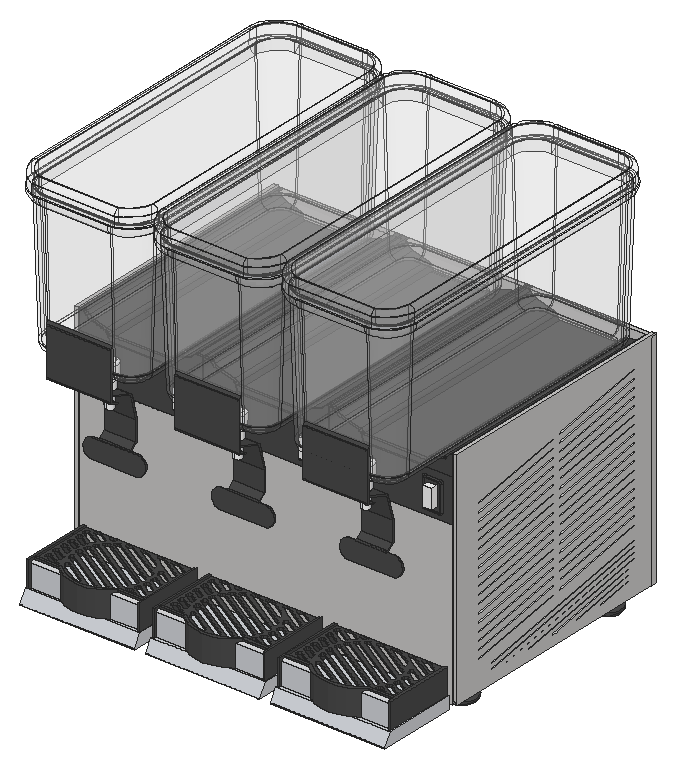
Revit family "QF_Vollrath-VBBD3-37T", category Specialty Equipment, Revit 2018 (continued)
Forms (in)
  Extrusion 6, solid, material "QF_Finishes-Stainless"
    sketch origin (0, 0, 0) x (1, 0, 0) y (0, 0, 1)
      loop
        line (11.65098, 10.09148) -> (11.53237, 9.98837) -> (11.53237, 9.94064)
      loop
        line (11.53237, 10.31465) -> (16.84741, 10.31465) -> (16.84741, 10.36239) -> (16.7288, 10.46549)
        arc (16.7288, 10.46549) -> (16.69578, 10.48089) -> (16.65974, 10.48617) r 0.12567
        line (16.65974, 10.48617) -> (11.72005, 10.48617)
        arc (11.72005, 10.48617) -> (11.684, 10.48089) -> (11.65098, 10.46549) r 0.12567
        line (11.65098, 10.46549) -> (11.53237, 10.36239) -> (11.53237, 10.31465)
      loop
        line (11.53237, 10.68867) -> (16.84741, 10.68867) -> (16.84741, 10.7364) -> (16.7288, 10.83951)
        arc (16.7288, 10.83951) -> (16.69578, 10.85491) -> (16.65974, 10.86019) r 0.12567
        line (16.65974, 10.86019) -> (11.72005, 10.86019)
        arc (11.72005, 10.86019) -> (11.684, 10.85491) -> (11.65098, 10.83951) r 0.12567
        line (11.65098, 10.83951) -> (11.53237, 10.7364) -> (11.53237, 10.68867)
      loop
        line (11.53237, 11.06268) -> (16.84741, 11.06268) -> (16.84741, 11.11042) -> (16.7288, 11.21352)
        arc (16.7288, 11.21352) -> (16.69578, 11.22892) -> (16.65974, 11.2342) r 0.12567
        line (16.65974, 11.2342) -> (11.72005, 11.2342)
        arc (11.72005, 11.2342) -> (11.684, 11.22892) -> (11.65098, 11.21352) r 0.12567
        line (11.65098, 11.21352) -> (11.53237, 11.11042) -> (11.53237, 11.06268)
      loop
        line (11.53237, 11.4367) -> (16.84741, 11.4367) -> (16.84741, 11.48443) -> (16.7288, 11.58754)
        arc (16.7288, 11.58754) -> (16.69578, 11.60294) -> (16.65974, 11.60822) r 0.12567
        line (16.65974, 11.60822) -> (11.72005, 11.60822)
        arc (11.72005, 11.60822) -> (11.684, 11.60294) -> (11.65098, 11.58754) r 0.12567
        line (11.65098, 11.58754) -> (11.53237, 11.48443) -> (11.53237, 11.4367)
      loop
        line (11.53237, 11.81072) -> (16.84741, 11.81072) -> (16.84741, 11.85845) -> (16.7288, 11.96156)
        arc (16.7288, 11.96156) -> (16.69578, 11.97695) -> (16.65974, 11.98223) r 0.12567
        line (16.65974, 11.98223) -> (11.72005, 11.98223)
        arc (11.72005, 11.98223) -> (11.684, 11.97695) -> (11.65098, 11.96156) r 0.12567
        line (11.65098, 11.96156) -> (11.53237, 11.85845) -> (11.53237, 11.81072)
      loop
        line (11.53237, 12.18473) -> (16.84733, 12.18473) -> (16.84733, 12.23247) -> (16.72872, 12.33557)
        arc (16.72872, 12.33557) -> (16.6957, 12.35097) -> (16.65966, 12.35625) r 0.12567
        line (16.65966, 12.35625) -> (11.72005, 12.35625)
        arc (11.72005, 12.35625) -> (11.684, 12.35097) -> (11.65098, 12.33557) r 0.12567
        line (11.65098, 12.33557) -> (11.53237, 12.23247) -> (11.53237, 12.18473)
    from -10.7576 to -10.47957
  Revolve 7, solid, material "QF_Finishes-Black Plastic"
    sketch origin (-2.65829, 2.28125, 0) x (0, 1, 0) y (0, 0, 1)
      loop
        line (6.4307, 0.71878) -> (5.9307, 0.71878) -> (5.90967, 0.3175)
        arc (5.90967, 0.3175) -> (5.90114, 0.28329) -> (5.88042, 0.25477) r 0.09238
        line (5.88042, 0.25477) -> (5.63639, 0.15617) -> (5.65129, 0.03478)
        arc (5.65129, 0.03478) -> (5.66148, 0.01019) -> (5.68607, 0) r 0.03478
        line (5.68607, 0) -> (6.4307, 0) -> (6.4307, 0.71878)
      axis (6.4307, 0) -> (6.4307, 0.71878)
    angle from 0 to 360
  Revolve 8, solid, material "QF_Finishes-Black Plastic"
    sketch origin (-2.65829, -7.91744, 0) x (0, 1, 0) y (0, 0, 1)
      loop
        line (6.4307, 0.71878) -> (5.9307, 0.71878) -> (5.90967, 0.3175)
        arc (5.90967, 0.3175) -> (5.90114, 0.28329) -> (5.88042, 0.25477) r 0.09238
        line (5.88042, 0.25477) -> (5.63639, 0.15617) -> (5.65129, 0.03478)
        arc (5.65129, 0.03478) -> (5.66148, 0.01019) -> (5.68607, 0) r 0.03478
        line (5.68607, 0) -> (6.4307, 0) -> (6.4307, 0.71878)
      axis (6.4307, 0) -> (6.4307, 0.71878)
    angle from 0 to 360
  Revolve 9, solid, material "QF_Finishes-Black Plastic"
    sketch origin (16.73684, 2.28125, 0) x (0, 1, 0) y (0, 0, 1)
      loop
        line (6.4307, 0.71878) -> (5.9307, 0.71878) -> (5.90967, 0.3175)
        arc (5.90967, 0.3175) -> (5.90114, 0.28329) -> (5.88042, 0.25477) r 0.09238
        line (5.88042, 0.25477) -> (5.63639, 0.15617) -> (5.65129, 0.03478)
        arc (5.65129, 0.03478) -> (5.66148, 0.01019) -> (5.68607, 0) r 0.03478
        line (5.68607, 0) -> (6.4307, 0) -> (6.4307, 0.71878)
      axis (6.4307, 0) -> (6.4307, 0.71878)
    angle from 0 to 360
  Revolve 10, solid, material "QF_Finishes-Black Plastic"
    sketch origin (16.73684, -7.91744, 0) x (0, 1, 0) y (0, 0, 1)
      loop
        line (6.4307, 0.71878) -> (5.9307, 0.71878) -> (5.90967, 0.3175)
        arc (5.90967, 0.3175) -> (5.90114, 0.28329) -> (5.88042, 0.25477) r 0.09238
        line (5.88042, 0.25477) -> (5.63639, 0.15617) -> (5.65129, 0.03478)
        arc (5.65129, 0.03478) -> (5.66148, 0.01019) -> (5.68607, 0) r 0.03478
        line (5.68607, 0) -> (6.4307, 0) -> (6.4307, 0.71878)
      axis (6.4307, 0) -> (6.4307, 0.71878)
    angle from 0 to 360
  Extrusion 11, solid, material "QF_Finishes-Black Plastic"
    sketch origin (0, 0, 0) x (1, 0, 0) y (0, 1, 0)
      loop
        line (3.18945, -3.12402) -> (-3.14914, -3.12402) -> (-3.14914, -7.27756) -> (-3.05071, -7.27756) -> (-3.05071, -6.9626) -> (-1.68325, -6.9626)
        arc (-1.68325, -6.9626) -> (-1.65302, -6.96863) -> (-1.62741, -6.98581) r 0.07879
        arc (-1.62741, -6.98581) -> (0.01907, -7.67007) -> (1.66554, -6.98581) r 2.323
        arc (1.66554, -6.98581) -> (1.69232, -6.96862) -> (1.72357, -6.9626) r 0.08414
        line (1.72357, -6.9626) -> (3.09102, -6.9626) -> (3.09102, -7.27756) -> (3.18945, -7.27756) -> (3.18945, -3.12402)
      loop
        line (-3.05071, -3.19488) -> (-3.05071, -6.8248) -> (-1.68325, -6.8248)
        arc (-1.68325, -6.8248) -> (-1.60014, -6.84139) -> (-1.52977, -6.88862) r 0.21647
        arc (-1.52977, -6.88862) -> (0.02, -7.53304) -> (1.56978, -6.88862) r 2.18576
        arc (1.56978, -6.88862) -> (1.64015, -6.84139) -> (1.72326, -6.8248) r 0.21647
        line (1.72326, -6.8248) -> (3.09102, -6.8248) -> (3.09102, -3.19488) -> (-3.05071, -3.19488)
    from 1.03543 to 2.48031
  Extrusion 12, solid, material "QF_Finishes-Black Plastic"
    sketch origin (-0.43601, -0.69203, -0.67436) x (0, 1, 0) y (0, 0, 1)
      loop
        arc (-6.7126, 12.77975) -> (-6.69637, 12.72827) -> (-6.65354, 12.69541) r 0.08975
        line (-6.65354, 12.69541) -> (-6.24829, 12.54791) -> (-6.22809, 12.6034) -> (-6.65354, 12.75825) -> (-6.65354, 15.43542) -> (-6.55627, 15.57434) -> (-6.585, 15.63626) -> (-6.69836, 15.47437)
        arc (-6.69836, 15.47437) -> (-6.70895, 15.45289) -> (-6.7126, 15.42921) r 0.07874
        line (-6.7126, 15.42921) -> (-6.7126, 12.77975)
    from -1.53543 to 2.09496
  Revolve 13, solid, material "QF_Finishes-White Rubber"
    sketch origin (-0.09375, -0.00627, -0.98853) x (0, 1, 0) y (0, 0, 1)
      loop
        line (-5.26181, 11.33771) -> (-5.26181, 13.7196) -> (-5.58313, 13.7196)
        arc (-5.58313, 13.7196) -> (-5.66215, 13.68687) -> (-5.69488, 13.60785) r 0.11175
        line (-5.69488, 13.60785) -> (-5.6749, 12.85346) -> (-5.57506, 12.85346) -> (-5.57506, 12.36572) -> (-5.49364, 12.33608) -> (-5.49364, 11.33771) -> (-5.26181, 11.33771)
      axis (-5.26181, 11.33771) -> (-5.26181, 13.7196)
    angle from 0 to 360
  Extrusion 14, solid, material "QF_Finishes-Black Plastic"
    sketch origin (-0.14844, 0.05623, -0.98853) x (0, 1, 0) y (0, 0, 1)
      loop
        line (-4.89794, 12.05642) -> (-4.5209, 10.64927) -> (-4.5209, 9.50735) -> (-4.87524, 9.24034)
        arc (-4.87524, 9.24034) -> (-4.89988, 9.20972) -> (-4.90703, 9.17106) r 0.08027
        line (-4.90703, 9.17106) -> (-4.84806, 9.16797) -> (-4.83447, 9.19711) -> (-4.4932, 9.45428)
        arc (-4.4932, 9.45428) -> (-4.47012, 9.48203) -> (-4.46184, 9.51717) r 0.07874
        line (-4.46184, 9.51717) -> (-4.46184, 10.65704) -> (-4.8302, 12.03176)
        arc (-4.8302, 12.03176) -> (-4.86865, 12.09212) -> (-4.92901, 12.13057) r 0.16532
        line (-4.92901, 12.13057) -> (-6.9898, 12.88064) -> (-7.01, 12.82515) -> (-4.89794, 12.05642)
    from -0.87952 to 0.8668
  Extrusion 15, solid, material "QF_Finishes-Black Plastic"
    sketch origin (-0.15625, -0.40114, -1.21779) x (1, 0, 0) y (0, 0.052336, 0.99863)
      loop
        line (-1.23031, 8.07021) -> (1.23031, 8.07021)
        arc (1.23031, 8.07021) -> (1.77091, 8.61081) -> (1.23031, 9.1514) r 0.5406
        line (1.23031, 9.1514) -> (-1.23031, 9.1514)
        arc (-1.23031, 9.1514) -> (-1.77091, 8.61081) -> (-1.23031, 8.07021) r 0.5406
    from 4.87511 to 4.93413
  Sweep 16, solid, material "QF_Finishes-Clear Plastic"
    path origin (-0.15625, 0, 0) x (1, 0, 0) y (0, 1, 0)
      loop
        arc (-2.3069, -6.00035) -> (-2.17234, -6.32521) -> (-1.84748, -6.45977) r 0.45942
        line (-1.84748, -6.45977) -> (1.84782, -6.45977)
        arc (1.84782, -6.45977) -> (2.17447, -6.32446) -> (2.30977, -5.99781) r 0.46195
        line (2.30977, -5.99781) -> (2.30977, 9.13206)
        arc (2.30977, 9.13206) -> (2.17447, 9.45871) -> (1.84782, 9.59402) r 0.46195
        line (1.84782, 9.59402) -> (-1.84748, 9.59402)
        arc (-1.84748, 9.59402) -> (-2.17234, 9.45946) -> (-2.3069, 9.1346) r 0.45942
        line (-2.3069, 9.1346) -> (-2.3069, -6.00035)
    profile origin (-2.46315, 1.56713, 0) x (-1, 0, 0) y (0, 0, 1)
      loop
        line (1.00727, 21.24909) -> (0.86945, 21.24909) -> (0.60808, 13.43579)
        arc (0.60808, 13.43579) -> (0.48758, 13.16469) -> (0.21238, 13.05386) r 0.39514
        line (0.21238, 13.05386) -> (0.22508, 12.90709)
        arc (0.22508, 12.90709) -> (0.59013, 13.08301) -> (0.74651, 13.45684) r 0.57097
        line (0.74651, 13.45684) -> (1.00727, 21.24909)
  Extrusion 17, solid, material "QF_Finishes-Black Plastic"
    sketch origin (0, 0, -0.6875) x (1, 0, 0) y (0, 0, 1)
      loop
        line (-3.46457, 13.95475) -> (-3.46457, 12.85346) -> (3.55, 12.85346) -> (3.55, 13.95475) -> (3.22835, 13.95475)
        arc (3.22835, 13.95475) -> (3.13884, 13.93326) -> (3.06885, 13.87348) r 0.19715
        arc (3.06885, 13.87348) -> (3.03916, 13.82718) -> (3.00315, 13.7856) r 0.3838
        arc (3.00315, 13.7856) -> (2.87095, 13.68416) -> (2.717, 13.62039) r 0.63833
        line (2.717, 13.62039) -> (1.86181, 13.39124)
        arc (1.86181, 13.39124) -> (1.74573, 13.32397) -> (1.67922, 13.20745) r 0.2576
        line (1.67922, 13.20745) -> (1.62646, 12.90825) -> (-1.78271, 12.90825) -> (-1.83547, 13.20745)
        arc (-1.83547, 13.20745) -> (-1.90198, 13.32397) -> (-2.01806, 13.39124) r 0.2576
        line (-2.01806, 13.39124) -> (-2.72746, 13.58133)
        arc (-2.72746, 13.58133) -> (-2.88142, 13.6451) -> (-3.01362, 13.74654) r 0.63833
        arc (-3.01362, 13.74654) -> (-3.07424, 13.82539) -> (-3.11257, 13.91717) r 0.3838
        arc (-3.11257, 13.91717) -> (-3.16749, 13.94512) -> (-3.22835, 13.95475) r 0.19715
        line (-3.22835, 13.95475) -> (-3.46457, 13.95475)
    from -10.7576 to 3.27362
  Extrusion 18, solid, material "Clearance - Code/Mandatory", detail levels coarse
    sketch origin (-7.40625, 0, 0) x (1, 0, 0) y (0, 1, 0)
      loop
        line (31.23875, 10.7576) -> (25.2375, 10.7576) -> (25.2375, -7.75) -> (31.23875, -7.75) -> (31.23875, 10.7576)
    from 0 to 23.90625
  Extrusion 19, solid, material "Clearance - Code/Mandatory", detail levels coarse
    sketch origin (7.40625, 0, 0) x (-1, 0, 0) y (0, -1, 0)
      loop
        line (11.07375, -10.7576) -> (17.08125, -10.7576) -> (17.08125, 7.75) -> (11.07375, 7.75) -> (11.07375, -10.7576)
    from 0 to 23.90625
  Extrusion 20, solid, material "Clearance - Code/Mandatory", detail levels coarse
    sketch origin (3.67282, -3.20625, 0) x (0, 1, 0) y (-1, 0, 0)
      loop
        line (13.96385, -20.15968) -> (20.08125, -20.15968) -> (20.08125, 13.34782) -> (13.96385, 13.34782) -> (13.96385, -20.15968)
    from 0 to 23.90625
  Sweep 21, solid, material "QF_Finishes-Clear Plastic"
    path origin (-0.15625, 0, 0) x (1, 0, 0) y (0, 1, 0)
      loop
        line (1.97575, 9.86597) -> (-1.98, 9.86597)
        arc (-1.98, 9.86597) -> (-2.54709, 9.63108) -> (-2.78198, 9.064) r 0.80197
        line (-2.78198, 9.064) -> (-2.78198, -6.12347)
        arc (-2.78198, -6.12347) -> (-2.53304, -6.72445) -> (-1.93206, -6.97339) r 0.84992
        line (-1.93206, -6.97339) -> (1.91929, -6.97339)
        arc (1.91929, -6.97339) -> (2.53134, -6.71987) -> (2.78485, -6.10782) r 0.86556
        line (2.78485, -6.10782) -> (2.78485, 9.05687)
        arc (2.78485, 9.05687) -> (2.54787, 9.62899) -> (1.97575, 9.86597) r 0.8091
    profile origin (-0.15838, 9.86597, 0) x (0, -1, 0) y (0, 0, 1)
      loop
        line (-0.42938, 20.63713) -> (-0.42938, 21.24909) -> (-0.79275, 21.24909)
        arc (-0.79275, 21.24909) -> (-0.70586, 20.88683) -> (-0.42938, 20.63713) r 0.62946
  Extrusion 22, solid
    sketch origin (0, 0, 0) x (0, 1, 0) y (0, 0, 1)
      loop
        line (-3.27362, 1.03543) -> (-7.3563, 1.03543) -> (-7.75, 0.3937) -> (-7.75, 0.35433) -> (-3.27362, 0.35433) -> (-3.27362, 1.03543)
    from -3.17717 to 3.27868
  Extrusion 23, solid
    sketch origin (0, 0, 0) x (0, 1, 0) y (0, 0, 1)
      loop
        arc (-6.9626, 2.40157) -> (-7.08882, 2.37471) -> (-7.18008, 2.28346) r 0.22732
        line (-7.18008, 2.28346) -> (-7.18008, 1.03543) -> (-6.9626, 1.03543) -> (-6.9626, 2.40157)
    from -3.05071 to -1.36292
  Extrusion 24, solid, material "QF_Finishes-Black Plastic"
    sketch origin (0, 0, 0) x (1, 0, 0) y (0, 1, 0)
      loop
        line (-3.05071, -6.8248) -> (-1.68325, -6.8248)
        arc (-1.68325, -6.8248) -> (-1.60014, -6.84139) -> (-1.52977, -6.88862) r 0.21647
        arc (-1.52977, -6.88862) -> (0.02, -7.53304) -> (1.56978, -6.88862) r 2.18576
        arc (1.56978, -6.88862) -> (1.64015, -6.84139) -> (1.72326, -6.8248) r 0.21647
        line (1.72326, -6.8248) -> (3.09102, -6.8248) -> (3.09102, -3.19488) -> (-3.05071, -3.19488) -> (-3.05071, -6.8248)
      loop
        line (1.99999, -5.31469) -> (-0.85274, -3.56972)
        arc (-0.85274, -3.56972) -> (-0.90143, -3.55568) -> (-0.95047, -3.56848) r 0.09564
        line (-0.95047, -3.56848) -> (-1.05079, -3.62641)
        arc (-1.05079, -3.62641) -> (-1.09797, -3.71056) -> (-1.05079, -3.79471) r 0.09865
        line (-1.05079, -3.79471) -> (1.89113, -5.59424)
        arc (1.89113, -5.59424) -> (1.98696, -5.59808) -> (2.04057, -5.51856) r 0.09843
        line (2.04057, -5.51856) -> (2.04706, -5.40253)
        arc (2.04706, -5.40253) -> (2.03544, -5.35223) -> (1.99999, -5.31469) r 0.09857
      loop
        line (1.92869, -5.80182) -> (-1.25519, -3.85429)
        arc (-1.25519, -3.85429) -> (-1.31546, -3.84407) -> (-1.37003, -3.87162) r 0.09782
        line (-1.37003, -3.87162) -> (-1.44371, -3.9453)
        arc (-1.44371, -3.9453) -> (-1.47148, -4.02385) -> (-1.42783, -4.09482) r 0.09665
        line (-1.42783, -4.09482) -> (1.79158, -6.06408)
        arc (1.79158, -6.06408) -> (1.8762, -6.07294) -> (1.93593, -6.01235) r 0.09812
        line (1.93593, -6.01235) -> (1.96819, -5.91075)
        arc (1.96819, -5.91075) -> (1.96695, -5.84957) -> (1.92869, -5.80182) r 0.09507
      loop
        line (1.74837, -6.22226) -> (-1.54753, -4.20621)
        arc (-1.54753, -4.20621) -> (-1.61887, -4.19636) -> (-1.67693, -4.23897) r 0.09584
        line (-1.67693, -4.23897) -> (-1.73108, -4.32679)
        arc (-1.73108, -4.32679) -> (-1.743, -4.39877) -> (-1.70104, -4.45845) r 0.09631
        line (-1.70104, -4.45845) -> (1.59739, -6.47604)
        arc (1.59739, -6.47604) -> (1.66914, -6.48577) -> (1.72723, -6.44255) r 0.09587
        line (1.72723, -6.44255) -> (1.78078, -6.35401)
        arc (1.78078, -6.35401) -> (1.79129, -6.28157) -> (1.74837, -6.22226) r 0.09741
      loop
        line (1.48132, -6.58966) -> (-1.74811, -4.61427)
        arc (-1.74811, -4.61427) -> (-1.83177, -4.60731) -> (-1.88979, -4.66798) r 0.09744
        line (-1.88979, -4.66798) -> (-1.92257, -4.76761)
        arc (-1.92257, -4.76761) -> (-1.92194, -4.82904) -> (-1.88395, -4.87732) r 0.0953
        line (-1.88395, -4.87732) -> (1.30511, -6.82801)
        arc (1.30511, -6.82801) -> (1.36581, -6.8405) -> (1.42146, -6.81321) r 0.09579
        line (1.42146, -6.81321) -> (1.49519, -6.73948)
        arc (1.49519, -6.73948) -> (1.52341, -6.66132) -> (1.48132, -6.58966) r 0.09779
      loop
        line (1.10757, -6.89177) -> (-1.84914, -5.0832)
        arc (-1.84914, -5.0832) -> (-1.94458, -5.07917) -> (-1.99846, -5.15805) r 0.0984
        line (-1.99846, -5.15805) -> (-2.00593, -5.27264)
        arc (-2.00593, -5.27264) -> (-1.99506, -5.32396) -> (-1.95906, -5.3621) r 0.09696
        line (-1.95906, -5.3621) -> (0.91264, -7.11867)
        arc (0.91264, -7.11867) -> (0.96072, -7.13194) -> (1.0088, -7.11867) r 0.09375
        line (1.0088, -7.11867) -> (1.10757, -7.05966)
        arc (1.10757, -7.05966) -> (1.15463, -6.97572) -> (1.10757, -6.89177) r 0.0984
      loop
        line (0.60863, -7.11732) -> (-1.82264, -5.63015)
        arc (-1.82264, -5.63015) -> (-1.92999, -5.63329) -> (-1.97033, -5.73281) r 0.09825
        line (-1.97033, -5.73281) -> (-1.93774, -5.87396)
        arc (-1.93774, -5.87396) -> (-1.92175, -5.90738) -> (-1.89442, -5.93238) r 0.09714
        line (-1.89442, -5.93238) -> (0.37225, -7.31886)
        arc (0.37225, -7.31886) -> (0.40695, -7.33252) -> (0.44421, -7.33107) r 0.09073
        line (0.44421, -7.33107) -> (0.58467, -7.29582)
        arc (0.58467, -7.29582) -> (0.65482, -7.21438) -> (0.60863, -7.11732) r 0.09843
      loop
        line (-0.15644, -7.18008) -> (-1.53008, -6.33984)
        arc (-1.53008, -6.33984) -> (-1.65245, -6.35562) -> (-1.66332, -6.47852) r 0.09845
        line (-1.66332, -6.47852) -> (-1.474, -6.72028) -> (-0.52036, -7.30361) -> (-0.21942, -7.36177)
        arc (-0.21942, -7.36177) -> (-0.1148, -7.29628) -> (-0.15644, -7.18008) r 0.09842
      loop
        line (1.92796, -4.73989) -> (-0.30697, -3.37282)
        arc (-0.30697, -3.37282) -> (-0.34079, -3.3598) -> (-0.37704, -3.35963) r 0.10043
        line (-0.37704, -3.35963) -> (-0.52004, -3.39377)
        arc (-0.52004, -3.39377) -> (-0.59167, -3.47506) -> (-0.54547, -3.57306) r 0.09865
        line (-0.54547, -3.57306) -> (1.85831, -5.04342)
        arc (1.85831, -5.04342) -> (1.96624, -5.03999) -> (2.00606, -4.93962) r 0.09842
        line (2.00606, -4.93962) -> (1.97137, -4.79716)
        arc (1.97137, -4.79716) -> (1.95507, -4.76442) -> (1.92796, -4.73989) r 0.09857
      loop
        line (1.46531, -3.92615) -> (0.62845, -3.41426)
        arc (0.62845, -3.41426) -> (0.46776, -3.37153) -> (0.30428, -3.34114) r 2.18615
        arc (0.30428, -3.34114) -> (0.19761, -3.4051) -> (0.23921, -3.5223) r 0.09818
        line (0.23921, -3.5223) -> (1.54679, -4.32213)
        arc (1.54679, -4.32213) -> (1.66978, -4.30502) -> (1.67799, -4.18113) r 0.09835
        arc (1.67799, -4.18113) -> (1.57664, -4.04948) -> (1.46531, -3.92615) r 2.12561
      loop
        line (2.83911, -4.23574) -> (1.36588, -3.33459)
        arc (1.36588, -3.33459) -> (1.34175, -3.32427) -> (1.31572, -3.32087) r 0.09593
        arc (1.31572, -3.32087) -> (1.27881, -3.321) -> (1.2419, -3.32087) r 5.03614
        arc (1.2419, -3.32087) -> (1.14687, -3.39171) -> (1.18925, -3.5024) r 0.0982
        arc (1.18925, -3.5024) -> (1.38493, -3.6409) -> (1.56306, -3.80134) r 2.04444
        line (1.56306, -3.80134) -> (2.73642, -4.51906)
        arc (2.73642, -4.51906) -> (2.8353, -4.51983) -> (2.88433, -4.43395) r 0.09782
        arc (2.88433, -4.43395) -> (2.88401, -4.37627) -> (2.88433, -4.31858) r 5.14481
        arc (2.88433, -4.31858) -> (2.87254, -4.27125) -> (2.83911, -4.23574) r 0.0965
      loop
        line (2.83639, -3.70334) -> (2.23231, -3.33383)
        arc (2.23231, -3.33383) -> (2.21027, -3.32439) -> (2.18655, -3.32087) r 0.09339
        line (2.18655, -3.32087) -> (1.99477, -3.32087)
        arc (1.99477, -3.32087) -> (1.89988, -3.39257) -> (1.94341, -3.50325) r 0.09837
        line (1.94341, -3.50325) -> (2.73528, -3.98763)
        arc (2.73528, -3.98763) -> (2.83413, -3.98931) -> (2.88433, -3.90415) r 0.09818
        arc (2.88433, -3.90415) -> (2.88448, -3.84599) -> (2.88433, -3.78784) r 11.3571
        arc (2.88433, -3.78784) -> (2.87139, -3.73933) -> (2.83639, -3.70334) r 0.09933
      loop
        arc (-2.69423, -5.62775) -> (-2.79372, -5.62586) -> (-2.84402, -5.71171) r 0.09843
        line (-2.84402, -5.71171) -> (-2.84402, -5.82709)
        arc (-2.84402, -5.82709) -> (-2.83145, -5.87522) -> (-2.79695, -5.91106) r 0.09843
        line (-2.79695, -5.91106) -> (-2.13741, -6.31449)
        arc (-2.13741, -6.31449) -> (-2.02317, -6.30683) -> (-1.99384, -6.19615) r 0.09819
        line (-1.99384, -6.19615) -> (-2.04986, -6.04886)
        arc (-2.04986, -6.04886) -> (-2.066, -6.01898) -> (-2.09144, -5.99647) r 0.09728
        line (-2.09144, -5.99647) -> (-2.69423, -5.62775)
      loop
        arc (-2.69423, -5.09701) -> (-2.79372, -5.09512) -> (-2.84402, -5.18097) r 0.09843
        line (-2.84402, -5.18097) -> (-2.84402, -5.29635)
        arc (-2.84402, -5.29635) -> (-2.83145, -5.34448) -> (-2.79695, -5.38032) r 0.09843
        line (-2.79695, -5.38032) -> (-2.30078, -5.68381)
        arc (-2.30078, -5.68381) -> (-2.19664, -5.68292) -> (-2.1516, -5.58901) r 0.09843
        line (-2.1516, -5.58901) -> (-2.16128, -5.47226)
        arc (-2.16128, -5.47226) -> (-2.17523, -5.42752) -> (-2.20826, -5.39428) r 0.09865
        line (-2.20826, -5.39428) -> (-2.69423, -5.09701)
      loop
        arc (-2.69423, -4.56627) -> (-2.79372, -4.56438) -> (-2.84402, -4.65023) r 0.09843
        line (-2.84402, -4.65023) -> (-2.84402, -4.76561)
        arc (-2.84402, -4.76561) -> (-2.83145, -4.81374) -> (-2.79695, -4.84958) r 0.09843
        line (-2.79695, -4.84958) -> (-2.29775, -5.15493)
        arc (-2.29775, -5.15493) -> (-2.20358, -5.15958) -> (-2.14873, -5.0829) r 0.09839
        line (-2.14873, -5.0829) -> (-2.13391, -4.98165)
        arc (-2.13391, -4.98165) -> (-2.14196, -4.92467) -> (-2.17954, -4.8811) r 0.10209
        line (-2.17954, -4.8811) -> (-2.69423, -4.56627)
      loop
        arc (-2.69423, -4.03555) -> (-2.79372, -4.03365) -> (-2.84402, -4.11951) r 0.09843
        line (-2.84402, -4.11951) -> (-2.84402, -4.23489)
        arc (-2.84402, -4.23489) -> (-2.83145, -4.28301) -> (-2.79695, -4.31885) r 0.09843
        line (-2.79695, -4.31885) -> (-2.19054, -4.68978)
        arc (-2.19054, -4.68978) -> (-2.10586, -4.69843) -> (-2.0461, -4.63781) r 0.09843
        line (-2.0461, -4.63781) -> (-2.01311, -4.5476)
        arc (-2.01311, -4.5476) -> (-2.01108, -4.48046) -> (-2.05286, -4.42787) r 0.09777
        line (-2.05286, -4.42787) -> (-2.69423, -4.03555)
      loop
        arc (-2.69423, -3.50479) -> (-2.79372, -3.5029) -> (-2.84402, -3.58875) r 0.09843
        line (-2.84402, -3.58875) -> (-2.84402, -3.70413)
        arc (-2.84402, -3.70413) -> (-2.83145, -3.75226) -> (-2.79695, -3.78809) r 0.09843
        line (-2.79695, -3.78809) -> (-2.00078, -4.2751)
        arc (-2.00078, -4.2751) -> (-1.92526, -4.28682) -> (-1.86377, -4.24142) r 0.09931
        line (-1.86377, -4.24142) -> (-1.8143, -4.16136)
        arc (-1.8143, -4.16136) -> (-1.80095, -4.08604) -> (-1.84557, -4.0239) r 0.09843
        line (-1.84557, -4.0239) -> (-2.69423, -3.50479)
      loop
        arc (-2.69423, -6.15849) -> (-2.79372, -6.1566) -> (-2.84402, -6.24246) r 0.09843
        line (-2.84402, -6.24246) -> (-2.84402, -6.35783)
        arc (-2.84402, -6.35783) -> (-2.83145, -6.40596) -> (-2.79695, -6.4418) r 0.09843
        line (-2.79695, -6.4418) -> (-2.18491, -6.81617) -> (-1.91188, -6.81617)
        arc (-1.91188, -6.81617) -> (-1.85587, -6.7319) -> (-1.9031, -6.64241) r 0.09904
        line (-1.9031, -6.64241) -> (-2.69423, -6.15849)
      loop
        line (-2.39494, -3.50325) -> (-1.73202, -3.90876)
        arc (-1.73202, -3.90876) -> (-1.66637, -3.92218) -> (-1.60735, -3.89047) r 0.09841
        line (-1.60735, -3.89047) -> (-1.54093, -3.82001)
        arc (-1.54093, -3.82001) -> (-1.51481, -3.73924) -> (-1.5609, -3.66795) r 0.09896
        line (-1.5609, -3.66795) -> (-2.18752, -3.28465)
        arc (-2.18752, -3.28465) -> (-2.235, -3.26983) -> (-2.28367, -3.28012) r 0.09843
        line (-2.28367, -3.28012) -> (-2.38686, -3.33173)
        arc (-2.38686, -3.33173) -> (-2.44114, -3.41512) -> (-2.39494, -3.50325) r 0.09843
      loop
        arc (-1.47591, -3.32087) -> (-1.57065, -3.39261) -> (-1.52727, -3.50325) r 0.09843
        line (-1.52727, -3.50325) -> (-1.3826, -3.59175)
        arc (-1.3826, -3.59175) -> (-1.32707, -3.60613) -> (-1.27295, -3.58713) r 0.09847
        line (-1.27295, -3.58713) -> (-1.18803, -3.52827)
        arc (-1.18803, -3.52827) -> (-1.14526, -3.44427) -> (-1.19182, -3.36231) r 0.09944
        line (-1.19182, -3.36231) -> (-1.23593, -3.33533)
        arc (-1.23593, -3.33533) -> (-1.26061, -3.32455) -> (-1.28729, -3.32087) r 0.09843
        line (-1.28729, -3.32087) -> (-1.47591, -3.32087)
      loop
        arc (2.16593, -4.35471) -> (2.05008, -4.36433) -> (2.02423, -4.47767) r 0.09841
        line (2.02423, -4.47767) -> (2.08147, -4.62318)
        arc (2.08147, -4.62318) -> (2.09769, -4.65241) -> (2.12281, -4.67447) r 0.09781
        line (2.12281, -4.67447) -> (2.73454, -5.04866)
        arc (2.73454, -5.04866) -> (2.83403, -5.05055) -> (2.88433, -4.9647) r 0.09843
        line (2.88433, -4.9647) -> (2.88433, -4.84932)
        arc (2.88433, -4.84932) -> (2.87176, -4.80119) -> (2.83726, -4.76535) r 0.09843
        line (2.83726, -4.76535) -> (2.16593, -4.35471)
      loop
        arc (2.33855, -4.99104) -> (2.23397, -4.99219) -> (2.18943, -5.08682) r 0.09845
        line (2.18943, -5.08682) -> (2.20051, -5.20384)
        arc (2.20051, -5.20384) -> (2.21442, -5.2483) -> (2.24726, -5.28133) r 0.09819
        line (2.24726, -5.28133) -> (2.73454, -5.5794)
        arc (2.73454, -5.5794) -> (2.83403, -5.58129) -> (2.88433, -5.49544) r 0.09843
        line (2.88433, -5.49544) -> (2.88433, -5.38006)
        arc (2.88433, -5.38006) -> (2.87176, -5.33193) -> (2.83726, -5.29609) r 0.09843
        line (2.83726, -5.29609) -> (2.33855, -4.99104)
      loop
        arc (2.34021, -5.5228) -> (2.24688, -5.51781) -> (2.19158, -5.59315) r 0.09828
        line (2.19158, -5.59315) -> (2.17713, -5.69751)
        arc (2.17713, -5.69751) -> (2.18485, -5.75432) -> (2.22293, -5.79719) r 0.09843
        line (2.22293, -5.79719) -> (2.73454, -6.11014)
        arc (2.73454, -6.11014) -> (2.83403, -6.11203) -> (2.88433, -6.02618) r 0.09843
        line (2.88433, -6.02618) -> (2.88433, -5.9108)
        arc (2.88433, -5.9108) -> (2.87176, -5.86267) -> (2.83726, -5.82683) r 0.09843
        line (2.83726, -5.82683) -> (2.34021, -5.5228)
      loop
        arc (2.2366, -5.99016) -> (2.15157, -5.98163) -> (2.09192, -6.04283) r 0.09842
        line (2.09192, -6.04283) -> (2.05934, -6.13333)
        arc (2.05934, -6.13333) -> (2.05873, -6.20007) -> (2.09985, -6.25265) r 0.1011
        line (2.09985, -6.25265) -> (2.73454, -6.64088)
        arc (2.73454, -6.64088) -> (2.83403, -6.64277) -> (2.88433, -6.55692) r 0.09843
        line (2.88433, -6.55692) -> (2.88433, -6.44154)
        arc (2.88433, -6.44154) -> (2.87176, -6.39341) -> (2.83726, -6.35758) r 0.09843
        line (2.83726, -6.35758) -> (2.2366, -5.99016)
      loop
        arc (2.04906, -6.40618) -> (1.97544, -6.39427) -> (1.91458, -6.43738) r 0.09845
        line (1.91458, -6.43738) -> (1.86362, -6.52146)
        arc (1.86362, -6.52146) -> (1.85022, -6.5966) -> (1.89492, -6.65847) r 0.09775
        line (1.89492, -6.65847) -> (2.15566, -6.81617) -> (2.42228, -6.81617)
        arc (2.42228, -6.81617) -> (2.48182, -6.73326) -> (2.43526, -6.64241) r 0.09794
        line (2.43526, -6.64241) -> (2.04906, -6.40618)
    from 2.28346 to 2.40157
  Sweep 25, solid, material "QF_Finishes-Black Plastic"
    path origin (0, 0, 0) x (-1, 0, 0) y (0, 0, 1)
      loop
        arc (-2.90354, 10.17079) -> (-2.88625, 10.12903) -> (-2.84449, 10.11173) r 0.05906
        line (-2.84449, 10.11173) -> (-1.99803, 10.11173)
        arc (-1.99803, 10.11173) -> (-1.95627, 10.12903) -> (-1.93898, 10.17079) r 0.05906
        line (-1.93898, 10.17079) -> (-1.93898, 11.63929)
        arc (-1.93898, 11.63929) -> (-1.95627, 11.68105) -> (-1.99803, 11.69835) r 0.05906
        line (-1.99803, 11.69835) -> (-2.84449, 11.69835)
        arc (-2.84449, 11.69835) -> (-2.88625, 11.68105) -> (-2.90354, 11.63929) r 0.05906
        line (-2.90354, 11.63929) -> (-2.90354, 10.17079)
    profile origin (2.90354, 0, 10.90504) x (-1, 0, 0) y (0, -1, 0)
      loop
        line (-0.09489, 3.27803) -> (0.00738, 3.27803) -> (0.00738, 3.37633)
        arc (0.00738, 3.37633) -> (-0.01127, 3.3726) -> (-0.01972, 3.35557) r 0.02157
        arc (-0.01972, 3.35557) -> (-0.04169, 3.30166) -> (-0.09489, 3.27803) r 0.0779
  Extrusion 26, solid, material "QF_Finishes-White Rubber"
    sketch origin (0, 0, 0) x (-1, 0, 0) y (0, 0, -1)
      loop
        line (-2.66535, -10.3637) -> (-2.66535, -11.44638) -> (-2.17717, -11.44638) -> (-2.17717, -10.3637) -> (-2.66535, -10.3637)
    from 3.27362 to 3.65598
  Extrusion 27, solid
    sketch origin (0, 0, 0) x (0, 1, 0) y (0, 0, -1)
      loop
        line (-6.9626, -2.40157) -> (-6.9626, -1.03543) -> (-7.18008, -1.03543) -> (-7.18008, -2.28346)
        arc (-7.18008, -2.28346) -> (-7.08882, -2.37471) -> (-6.9626, -2.40157) r 0.22732
    from -3.09102 to -1.40314
  Extrusion 28, solid, material "QF_Finishes-Clear Plastic"
    sketch origin (-0.15625, 0, 0) x (1, 0, 0) y (0, 1, 0)
      loop
        line (-2.51928, 9.1346) -> (-2.51928, -6.00035)
        arc (-2.51928, -6.00035) -> (-2.32251, -6.47538) -> (-1.84748, -6.67215) r 0.6718
        line (-1.84748, -6.67215) -> (1.84782, -6.67215)
        arc (1.84782, -6.67215) -> (2.32464, -6.47464) -> (2.52215, -5.99781) r 0.67433
        line (2.52215, -5.99781) -> (2.52215, 9.13206)
        arc (2.52215, 9.13206) -> (2.32464, 9.60889) -> (1.84782, 9.8064) r 0.67433
        line (1.84782, 9.8064) -> (-1.84748, 9.8064)
        arc (-1.84748, 9.8064) -> (-2.32251, 9.60963) -> (-2.51928, 9.1346) r 0.6718
    from 12.90709 to 13.05386
  Sweep 29, solid, material "QF_Finishes-Clear Plastic"
    path origin (7.09101, 3.74664, -1.59015) x (1, 0, 0) y (0, 1, 0)
      loop
        line (-2.2551, -11.10622) -> (2.2551, -11.10622)
        arc (2.2551, -11.10622) -> (2.85564, -10.64462) -> (3.17382, -9.95724) r 1.58698
        line (3.17382, -9.95724) -> (3.17382, 5.36453)
        arc (3.17382, 5.36453) -> (2.71278, 6.17327) -> (1.84782, 6.51746) r 1.40778
        line (1.84782, 6.51746) -> (-1.84782, 6.51746)
        arc (-1.84782, 6.51746) -> (-2.71161, 6.17429) -> (-3.17326, 5.36758) r 1.40778
        line (-3.17326, 5.36758) -> (-3.17326, -9.96011)
        arc (-3.17326, -9.96011) -> (-2.85472, -10.64576) -> (-2.2551, -11.10622) r 1.58698
    profile origin (7.09101, -7.35958, -1.59015) x (0, 1, 0) y (0, 0, 1)
      loop
        line (-0.39475, 22.88102) -> (-0.01824, 22.88102) -> (-0.01824, 23.6765)
        arc (-0.01824, 23.6765) -> (-0.26993, 23.6729) -> (-0.39475, 23.45431) r 0.25381
        line (-0.39475, 23.45431) -> (-0.39475, 22.88102)
  Extrusion 30, solid, material "QF_Finishes-Clear Plastic"
    sketch origin (7.0917, 3.7403, -2.36291) x (1, 0, 0) y (0, 1, 0)
      loop
        line (-2.15049, -11.11812) -> (2.25892, -11.11812)
        arc (2.25892, -11.11812) -> (2.86473, -10.65608) -> (3.18926, -9.96676) r 1.60522
        line (3.18926, -9.96676) -> (3.18926, 5.42563)
        arc (3.18926, 5.42563) -> (2.86227, 6.21505) -> (2.07284, 6.54204) r 1.11642
        line (2.07284, 6.54204) -> (-2.09748, 6.54204)
        arc (-2.09748, 6.54204) -> (-2.80722, 6.28665) -> (-3.1915, 5.63759) r 1.11388
        line (-3.1915, 5.63759) -> (-3.1915, -9.95554)
        arc (-3.1915, -9.95554) -> (-2.83451, -10.68325) -> (-2.15049, -11.11812) r 1.49663
    from 24.42674 to 24.46291
  Extrusion 31, solid, material "QF_Finishes-Black Plastic"
    sketch origin (7.10363, 0, 0) x (1, 0, 0) y (0, 0, 1)
      loop
        line (-3.55, 9.73814) -> (3.55, 9.73814) -> (3.55, 13.26725) -> (3.47014, 13.26725)
        arc (3.47014, 13.26725) -> (3.38063, 13.24576) -> (3.31064, 13.18598) r 0.19715
        arc (3.31064, 13.18598) -> (3.28095, 13.13968) -> (3.24494, 13.0981) r 0.3838
        arc (3.24494, 13.0981) -> (3.11274, 12.99666) -> (2.95879, 12.93289) r 0.63833
        line (2.95879, 12.93289) -> (2.1036, 12.70374)
        arc (2.1036, 12.70374) -> (1.98752, 12.63647) -> (1.92101, 12.51995) r 0.2576
        line (1.92101, 12.51995) -> (-1.68151, 12.51995)
        arc (-1.68151, 12.51995) -> (-1.74842, 12.63377) -> (-1.86295, 12.69949) r 0.2576
        line (-1.86295, 12.69949) -> (-2.73401, 12.93289)
        arc (-2.73401, 12.93289) -> (-2.88796, 12.99666) -> (-3.02016, 13.0981) r 0.63833
        arc (-3.02016, 13.0981) -> (-3.05617, 13.13968) -> (-3.08586, 13.18598) r 0.3838
        arc (-3.08586, 13.18598) -> (-3.15585, 13.24576) -> (-3.24536, 13.26725) r 0.19715
        line (-3.24536, 13.26725) -> (-3.55, 13.26725) -> (-3.55, 9.73814)
    from 3.12402 to 3.27362
  Extrusion 32, solid, material "QF_Finishes-Black Plastic"
    sketch origin (6.81125, -0.69203, -0.67436) x (0, 1, 0) y (0, 0, 1)
      loop
        arc (-6.7126, 12.77975) -> (-6.69637, 12.72827) -> (-6.65354, 12.69541) r 0.08975
        line (-6.65354, 12.69541) -> (-6.24829, 12.54791) -> (-6.22809, 12.6034) -> (-6.65354, 12.75825) -> (-6.65354, 15.43542) -> (-6.55627, 15.57434) -> (-6.585, 15.63626) -> (-6.69836, 15.47437)
        arc (-6.69836, 15.47437) -> (-6.70895, 15.45289) -> (-6.7126, 15.42921) r 0.07874
        line (-6.7126, 15.42921) -> (-6.7126, 12.77975)
    from -1.53543 to 2.09496
  Revolve 33, solid, material "QF_Finishes-White Rubber"
    sketch origin (7.10664, -0.00627, -0.98853) x (0, 1, 0) y (0, 0, 1)
      loop
        line (-5.26181, 11.35591) -> (-5.26181, 13.7196) -> (-5.58313, 13.7196)
        arc (-5.58313, 13.7196) -> (-5.66215, 13.68687) -> (-5.69488, 13.60785) r 0.11175
        line (-5.69488, 13.60785) -> (-5.6749, 12.85346) -> (-5.57506, 12.85346) -> (-5.57506, 12.36572) -> (-5.49364, 12.33608) -> (-5.49364, 11.35591) -> (-5.26181, 11.35591)
      axis (-5.26181, 11.35591) -> (-5.26181, 13.7196)
    angle from 0 to 360
  Extrusion 34, solid, material "QF_Finishes-Black Plastic"
    sketch origin (7.09883, 0.05623, -0.98853) x (0, 1, 0) y (0, 0, 1)
      loop
        line (-4.89794, 12.05642) -> (-4.5209, 10.64927) -> (-4.5209, 9.50735) -> (-4.87524, 9.24034)
        arc (-4.87524, 9.24034) -> (-4.89988, 9.20972) -> (-4.90703, 9.17106) r 0.08027
        line (-4.90703, 9.17106) -> (-4.84806, 9.16797) -> (-4.83447, 9.19711) -> (-4.4932, 9.45428)
        arc (-4.4932, 9.45428) -> (-4.47012, 9.48203) -> (-4.46184, 9.51717) r 0.07874
        line (-4.46184, 9.51717) -> (-4.46184, 10.65704) -> (-4.8302, 12.03176)
        arc (-4.8302, 12.03176) -> (-4.86865, 12.09212) -> (-4.92901, 12.13057) r 0.16532
        line (-4.92901, 12.13057) -> (-6.9898, 12.88064) -> (-7.01, 12.82515) -> (-4.89794, 12.05642)
    from -0.87952 to 0.8668
  Extrusion 35, solid, material "QF_Finishes-Black Plastic"
    sketch origin (7.09101, -0.40114, -1.21779) x (1, 0, 0) y (0, 0.052336, 0.99863)
      loop
        line (-1.23031, 8.07021) -> (1.23031, 8.07021)
        arc (1.23031, 8.07021) -> (1.77091, 8.61081) -> (1.23031, 9.1514) r 0.5406
        line (1.23031, 9.1514) -> (-1.23031, 9.1514)
        arc (-1.23031, 9.1514) -> (-1.77091, 8.61081) -> (-1.23031, 8.07021) r 0.5406
    from 4.87511 to 4.93413
  Sweep 36, solid, material "QF_Finishes-Clear Plastic"
    path origin (7.09101, 0, 0) x (1, 0, 0) y (0, 1, 0)
      loop
        arc (-2.3069, -6.00035) -> (-2.17234, -6.32521) -> (-1.84748, -6.45977) r 0.45942
        line (-1.84748, -6.45977) -> (1.84782, -6.45977)
        arc (1.84782, -6.45977) -> (2.17447, -6.32446) -> (2.30977, -5.99781) r 0.46195
        line (2.30977, -5.99781) -> (2.30977, 9.13206)
        arc (2.30977, 9.13206) -> (2.17447, 9.45871) -> (1.84782, 9.59402) r 0.46195
        line (1.84782, 9.59402) -> (-1.84748, 9.59402)
        arc (-1.84748, 9.59402) -> (-2.17234, 9.45946) -> (-2.3069, 9.1346) r 0.45942
        line (-2.3069, 9.1346) -> (-2.3069, -6.00035)
    profile origin (4.78412, 1.56713, 0) x (-1, 0, 0) y (0, 0, 1)
      loop
        line (1.00727, 21.24909) -> (0.86945, 21.24909) -> (0.60808, 13.43579)
        arc (0.60808, 13.43579) -> (0.48758, 13.16469) -> (0.21238, 13.05386) r 0.39514
        line (0.21238, 13.05386) -> (0.22508, 12.90709)
        arc (0.22508, 12.90709) -> (0.59013, 13.08301) -> (0.74651, 13.45684) r 0.57097
        line (0.74651, 13.45684) -> (1.00727, 21.24909)
  Extrusion 37, solid, material "QF_Finishes-Black Plastic"
    sketch origin (7.08661, 0, -0.6875) x (1, 0, 0) y (0, 0, 1)
      loop
        line (-3.53661, 13.95475) -> (-3.53661, 12.85346) -> (3.56701, 12.85346) -> (3.56701, 13.95475) -> (3.48715, 13.95475)
        arc (3.48715, 13.95475) -> (3.39764, 13.93326) -> (3.32765, 13.87348) r 0.19715
        arc (3.32765, 13.87348) -> (3.29796, 13.82718) -> (3.26195, 13.7856) r 0.3838
        arc (3.26195, 13.7856) -> (3.12975, 13.68416) -> (2.9758, 13.62039) r 0.63833
        line (2.9758, 13.62039) -> (2.12061, 13.39124)
        arc (2.12061, 13.39124) -> (2.00453, 13.32397) -> (1.93802, 13.20745) r 0.2576
        line (1.93802, 13.20745) -> (1.88526, 12.90825) -> (-1.62646, 12.90825) -> (-1.67922, 13.20745)
        arc (-1.67922, 13.20745) -> (-1.74573, 13.32397) -> (-1.86181, 13.39124) r 0.2576
        line (-1.86181, 13.39124) -> (-2.717, 13.62039)
        arc (-2.717, 13.62039) -> (-2.87095, 13.68416) -> (-3.00315, 13.7856) r 0.63833
        arc (-3.00315, 13.7856) -> (-3.03916, 13.82718) -> (-3.06885, 13.87348) r 0.3838
        arc (-3.06885, 13.87348) -> (-3.13884, 13.93326) -> (-3.22835, 13.95475) r 0.19715
        line (-3.22835, 13.95475) -> (-3.53661, 13.95475)
    from -10.7576 to 3.27362
  Sweep 38, solid, material "QF_Finishes-Clear Plastic"
    path origin (7.09101, 0, 0) x (1, 0, 0) y (0, 1, 0)
      loop
        line (1.97575, 9.86597) -> (-1.98, 9.86597)
        arc (-1.98, 9.86597) -> (-2.54709, 9.63108) -> (-2.78198, 9.064) r 0.80197
        line (-2.78198, 9.064) -> (-2.78198, -6.12347)
        arc (-2.78198, -6.12347) -> (-2.53304, -6.72445) -> (-1.93206, -6.97339) r 0.84992
        line (-1.93206, -6.97339) -> (1.91929, -6.97339)
        arc (1.91929, -6.97339) -> (2.53134, -6.71987) -> (2.78485, -6.10782) r 0.86556
        line (2.78485, -6.10782) -> (2.78485, 9.05687)
        arc (2.78485, 9.05687) -> (2.54787, 9.62899) -> (1.97575, 9.86597) r 0.8091
    profile origin (7.08889, 9.86597, 0) x (0, -1, 0) y (0, 0, 1)
      loop
        line (-0.42938, 20.63713) -> (-0.42938, 21.24909) -> (-0.79275, 21.24909)
        arc (-0.79275, 21.24909) -> (-0.70652, 20.88644) -> (-0.42938, 20.63713) r 0.62589
  Sweep 39, solid, material "QF_Finishes-Black Plastic"
    path origin (7.10363, 0, 0) x (1, 0, 0) y (0, 0, 1)
      loop
        arc (-2.90354, 10.17079) -> (-2.88625, 10.12903) -> (-2.84449, 10.11173) r 0.05906
        line (-2.84449, 10.11173) -> (-1.99803, 10.11173)
        arc (-1.99803, 10.11173) -> (-1.95627, 10.12903) -> (-1.93898, 10.17079) r 0.05906
        line (-1.93898, 10.17079) -> (-1.93898, 11.63929)
        arc (-1.93898, 11.63929) -> (-1.95627, 11.68105) -> (-1.99803, 11.69835) r 0.05906
        line (-1.99803, 11.69835) -> (-2.84449, 11.69835)
        arc (-2.84449, 11.69835) -> (-2.88625, 11.68105) -> (-2.90354, 11.63929) r 0.05906
        line (-2.90354, 11.63929) -> (-2.90354, 10.17079)
    profile origin (4.20008, 0, 10.90504) x (-1, 0, 0) y (0, -1, 0)
      loop
        arc (0.09489, 3.27803) -> (0.04169, 3.30166) -> (0.01972, 3.35557) r 0.0779
        arc (0.01972, 3.35557) -> (0.01127, 3.3726) -> (-0.00738, 3.37633) r 0.02157
        line (-0.00738, 3.37633) -> (-0.00738, 3.27803) -> (0.09489, 3.27803)
  Sweep 40, solid, material "QF_Finishes-Black Plastic"
    path origin (7.10363, 0, 0) x (-1, 0, 0) y (0, 0, 1)
      loop
        arc (-2.90354, 10.17079) -> (-2.88625, 10.12903) -> (-2.84449, 10.11173) r 0.05906
        line (-2.84449, 10.11173) -> (-1.99803, 10.11173)
        arc (-1.99803, 10.11173) -> (-1.95627, 10.12903) -> (-1.93898, 10.17079) r 0.05906
        line (-1.93898, 10.17079) -> (-1.93898, 11.63929)
        arc (-1.93898, 11.63929) -> (-1.95627, 11.68105) -> (-1.99803, 11.69835) r 0.05906
        line (-1.99803, 11.69835) -> (-2.84449, 11.69835)
        arc (-2.84449, 11.69835) -> (-2.88625, 11.68105) -> (-2.90354, 11.63929) r 0.05906
        line (-2.90354, 11.63929) -> (-2.90354, 10.17079)
    profile origin (10.00717, 0, 10.90504) x (-1, 0, 0) y (0, -1, 0)
      loop
        line (-0.09489, 3.27803) -> (0.00738, 3.27803) -> (0.00738, 3.37633)
        arc (0.00738, 3.37633) -> (-0.01127, 3.3726) -> (-0.01972, 3.35557) r 0.02157
        arc (-0.01972, 3.35557) -> (-0.04169, 3.30166) -> (-0.09489, 3.27803) r 0.0779
  Extrusion 41, solid, material "QF_Finishes-White Rubber"
    sketch origin (7.10363, 0, 0) x (1, 0, 0) y (0, 0, 1)
      loop
        line (-2.66535, 10.3637) -> (-2.17717, 10.3637) -> (-2.17717, 11.44638) -> (-2.66535, 11.44638) -> (-2.66535, 10.3637)
    from 3.27362 to 3.65598
  Extrusion 42, solid, material "QF_Finishes-White Rubber"
    sketch origin (7.10363, 0, 0) x (-1, 0, 0) y (0, 0, -1)
      loop
        line (-2.66535, -10.3637) -> (-2.66535, -11.44638) -> (-2.17717, -11.44638) -> (-2.17717, -10.3637) -> (-2.66535, -10.3637)
    from 3.27362 to 3.65598
  Extrusion 43, solid, material "QF_Finishes-Clear Plastic"
    sketch origin (7.08779, 0, 0) x (1, 0, 0) y (0, 1, 0)
      loop
        line (-2.51928, 9.1346) -> (-2.51928, -6.00035)
        arc (-2.51928, -6.00035) -> (-2.32251, -6.47538) -> (-1.84748, -6.67215) r 0.6718
        line (-1.84748, -6.67215) -> (1.84782, -6.67215)
        arc (1.84782, -6.67215) -> (2.32464, -6.47464) -> (2.52215, -5.99781) r 0.67433
        line (2.52215, -5.99781) -> (2.52215, 9.13206)
        arc (2.52215, 9.13206) -> (2.32464, 9.60889) -> (1.84782, 9.8064) r 0.67433
        line (1.84782, 9.8064) -> (-1.84748, 9.8064)
        arc (-1.84748, 9.8064) -> (-2.32251, 9.60963) -> (-2.51928, 9.1346) r 0.6718
    from 12.90709 to 13.05386
  Extrusion 44, solid, material "QF_Finishes-Black Plastic"
    sketch origin (7.06271, 0, 0) x (1, 0, 0) y (0, 1, 0)
      loop
        line (3.18945, -3.12402) -> (-3.14914, -3.12402) -> (-3.14914, -7.27756) -> (-3.05071, -7.27756) -> (-3.05071, -6.9626) -> (-1.68325, -6.9626)
        arc (-1.68325, -6.9626) -> (-1.65302, -6.96863) -> (-1.62741, -6.98581) r 0.07879
        arc (-1.62741, -6.98581) -> (0.01907, -7.67007) -> (1.66554, -6.98581) r 2.323
        arc (1.66554, -6.98581) -> (1.69232, -6.96862) -> (1.72357, -6.9626) r 0.08414
        line (1.72357, -6.9626) -> (3.09102, -6.9626) -> (3.09102, -7.27756) -> (3.18945, -7.27756) -> (3.18945, -3.12402)
      loop
        line (-3.05071, -3.19488) -> (-3.05071, -6.8248) -> (-1.68325, -6.8248)
        arc (-1.68325, -6.8248) -> (-1.60014, -6.84139) -> (-1.52977, -6.88862) r 0.21647
        arc (-1.52977, -6.88862) -> (0.02, -7.53304) -> (1.56978, -6.88862) r 2.18576
        arc (1.56978, -6.88862) -> (1.64015, -6.84139) -> (1.72326, -6.8248) r 0.21647
        line (1.72326, -6.8248) -> (3.09102, -6.8248) -> (3.09102, -3.19488) -> (-3.05071, -3.19488)
    from 1.03543 to 2.48031
  Extrusion 45, solid
    sketch origin (7.06271, 0, 0) x (0, 1, 0) y (0, 0, 1)
      loop
        line (-3.27362, 1.03543) -> (-7.3563, 1.03543) -> (-7.75, 0.3937) -> (-7.75, 0.35433) -> (-3.27362, 0.35433) -> (-3.27362, 1.03543)
    from -3.17717 to 3.27868
  Extrusion 46, solid
    sketch origin (7.06271, 0, 0) x (0, 1, 0) y (0, 0, -1)
      loop
        line (-6.9626, -2.40157) -> (-6.9626, -1.03543) -> (-7.18008, -1.03543) -> (-7.18008, -2.28346)
        arc (-7.18008, -2.28346) -> (-7.08882, -2.37471) -> (-6.9626, -2.40157) r 0.22732
    from -3.09102 to -1.40314
  Extrusion 47, solid, material "QF_Finishes-Black Plastic"
    sketch origin (7.0638, 0, 0) x (1, 0, 0) y (0, 1, 0)
      loop
        line (-3.05071, -6.8248) -> (-1.68325, -6.8248)
        arc (-1.68325, -6.8248) -> (-1.60014, -6.84139) -> (-1.52977, -6.88862) r 0.21647
        arc (-1.52977, -6.88862) -> (0.02, -7.53304) -> (1.56978, -6.88862) r 2.18576
        arc (1.56978, -6.88862) -> (1.64015, -6.84139) -> (1.72326, -6.8248) r 0.21647
        line (1.72326, -6.8248) -> (3.09102, -6.8248) -> (3.09102, -3.19488) -> (-3.05071, -3.19488) -> (-3.05071, -6.8248)
      loop
        line (1.99999, -5.31469) -> (-0.85274, -3.56972)
        arc (-0.85274, -3.56972) -> (-0.90143, -3.55568) -> (-0.95047, -3.56848) r 0.09564
        line (-0.95047, -3.56848) -> (-1.05079, -3.62641)
        arc (-1.05079, -3.62641) -> (-1.09797, -3.71056) -> (-1.05079, -3.79471) r 0.09865
        line (-1.05079, -3.79471) -> (1.89113, -5.59424)
        arc (1.89113, -5.59424) -> (1.98696, -5.59808) -> (2.04057, -5.51856) r 0.09843
        line (2.04057, -5.51856) -> (2.04706, -5.40253)
        arc (2.04706, -5.40253) -> (2.03544, -5.35223) -> (1.99999, -5.31469) r 0.09857
      loop
        line (1.92869, -5.80182) -> (-1.25519, -3.85429)
        arc (-1.25519, -3.85429) -> (-1.31546, -3.84407) -> (-1.37003, -3.87162) r 0.09782
        line (-1.37003, -3.87162) -> (-1.44371, -3.9453)
        arc (-1.44371, -3.9453) -> (-1.47148, -4.02385) -> (-1.42783, -4.09482) r 0.09665
        line (-1.42783, -4.09482) -> (1.79158, -6.06408)
        arc (1.79158, -6.06408) -> (1.8762, -6.07294) -> (1.93593, -6.01235) r 0.09812
        line (1.93593, -6.01235) -> (1.96819, -5.91075)
        arc (1.96819, -5.91075) -> (1.96695, -5.84957) -> (1.92869, -5.80182) r 0.09507
      loop
        line (1.74837, -6.22226) -> (-1.54753, -4.20621)
        arc (-1.54753, -4.20621) -> (-1.61887, -4.19636) -> (-1.67693, -4.23897) r 0.09584
        line (-1.67693, -4.23897) -> (-1.73108, -4.32679)
        arc (-1.73108, -4.32679) -> (-1.743, -4.39877) -> (-1.70104, -4.45845) r 0.09631
        line (-1.70104, -4.45845) -> (1.59739, -6.47604)
        arc (1.59739, -6.47604) -> (1.66914, -6.48577) -> (1.72723, -6.44255) r 0.09587
        line (1.72723, -6.44255) -> (1.78078, -6.35401)
        arc (1.78078, -6.35401) -> (1.79129, -6.28157) -> (1.74837, -6.22226) r 0.09741
      loop
        line (1.48132, -6.58966) -> (-1.74811, -4.61427)
        arc (-1.74811, -4.61427) -> (-1.83177, -4.60731) -> (-1.88979, -4.66798) r 0.09744
        line (-1.88979, -4.66798) -> (-1.92257, -4.76761)
        arc (-1.92257, -4.76761) -> (-1.92194, -4.82904) -> (-1.88395, -4.87732) r 0.0953
        line (-1.88395, -4.87732) -> (1.30511, -6.82801)
        arc (1.30511, -6.82801) -> (1.36581, -6.8405) -> (1.42146, -6.81321) r 0.09579
        line (1.42146, -6.81321) -> (1.49519, -6.73948)
        arc (1.49519, -6.73948) -> (1.52341, -6.66132) -> (1.48132, -6.58966) r 0.09779
      loop
        line (1.10757, -6.89177) -> (-1.84914, -5.0832)
        arc (-1.84914, -5.0832) -> (-1.94458, -5.07917) -> (-1.99846, -5.15805) r 0.0984
        line (-1.99846, -5.15805) -> (-2.00593, -5.27264)
        arc (-2.00593, -5.27264) -> (-1.99506, -5.32396) -> (-1.95906, -5.3621) r 0.09696
        line (-1.95906, -5.3621) -> (0.91264, -7.11867)
        arc (0.91264, -7.11867) -> (0.96072, -7.13194) -> (1.0088, -7.11867) r 0.09375
        line (1.0088, -7.11867) -> (1.10757, -7.05966)
        arc (1.10757, -7.05966) -> (1.15463, -6.97572) -> (1.10757, -6.89177) r 0.0984
      loop
        line (0.60863, -7.11732) -> (-1.82264, -5.63015)
        arc (-1.82264, -5.63015) -> (-1.92999, -5.63329) -> (-1.97033, -5.73281) r 0.09825
        line (-1.97033, -5.73281) -> (-1.93774, -5.87396)
        arc (-1.93774, -5.87396) -> (-1.92175, -5.90738) -> (-1.89442, -5.93238) r 0.09714
        line (-1.89442, -5.93238) -> (0.37225, -7.31886)
        arc (0.37225, -7.31886) -> (0.40695, -7.33252) -> (0.44421, -7.33107) r 0.09073
        line (0.44421, -7.33107) -> (0.58467, -7.29582)
        arc (0.58467, -7.29582) -> (0.65482, -7.21438) -> (0.60863, -7.11732) r 0.09843
      loop
        line (-0.15644, -7.18008) -> (-1.53008, -6.33984)
        arc (-1.53008, -6.33984) -> (-1.65245, -6.35562) -> (-1.66332, -6.47852) r 0.09845
        line (-1.66332, -6.47852) -> (-1.474, -6.72028) -> (-0.52036, -7.30361) -> (-0.21942, -7.36177)
        arc (-0.21942, -7.36177) -> (-0.1148, -7.29628) -> (-0.15644, -7.18008) r 0.09842
      loop
        line (1.92796, -4.73989) -> (-0.30697, -3.37282)
        arc (-0.30697, -3.37282) -> (-0.34079, -3.3598) -> (-0.37704, -3.35963) r 0.10043
        line (-0.37704, -3.35963) -> (-0.52004, -3.39377)
        arc (-0.52004, -3.39377) -> (-0.59167, -3.47506) -> (-0.54547, -3.57306) r 0.09865
        line (-0.54547, -3.57306) -> (1.85831, -5.04342)
        arc (1.85831, -5.04342) -> (1.96624, -5.03999) -> (2.00606, -4.93962) r 0.09842
        line (2.00606, -4.93962) -> (1.97137, -4.79716)
        arc (1.97137, -4.79716) -> (1.95507, -4.76442) -> (1.92796, -4.73989) r 0.09857
      loop
        line (1.46531, -3.92615) -> (0.62845, -3.41426)
        arc (0.62845, -3.41426) -> (0.46776, -3.37153) -> (0.30428, -3.34114) r 2.18615
        arc (0.30428, -3.34114) -> (0.19761, -3.4051) -> (0.23921, -3.5223) r 0.09818
        line (0.23921, -3.5223) -> (1.54679, -4.32213)
        arc (1.54679, -4.32213) -> (1.66978, -4.30502) -> (1.67799, -4.18113) r 0.09835
        arc (1.67799, -4.18113) -> (1.57664, -4.04948) -> (1.46531, -3.92615) r 2.12561
      loop
        line (2.83911, -4.23574) -> (1.36588, -3.33459)
        arc (1.36588, -3.33459) -> (1.34175, -3.32427) -> (1.31572, -3.32087) r 0.09593
        arc (1.31572, -3.32087) -> (1.27881, -3.321) -> (1.2419, -3.32087) r 5.03614
        arc (1.2419, -3.32087) -> (1.14687, -3.39171) -> (1.18925, -3.5024) r 0.0982
        arc (1.18925, -3.5024) -> (1.38493, -3.6409) -> (1.56306, -3.80134) r 2.04444
        line (1.56306, -3.80134) -> (2.73642, -4.51906)
        arc (2.73642, -4.51906) -> (2.8353, -4.51983) -> (2.88433, -4.43395) r 0.09782
        arc (2.88433, -4.43395) -> (2.88401, -4.37627) -> (2.88433, -4.31858) r 5.14481
        arc (2.88433, -4.31858) -> (2.87254, -4.27125) -> (2.83911, -4.23574) r 0.0965
      loop
        line (2.83639, -3.70334) -> (2.23231, -3.33383)
        arc (2.23231, -3.33383) -> (2.21027, -3.32439) -> (2.18655, -3.32087) r 0.09339
        line (2.18655, -3.32087) -> (1.99477, -3.32087)
        arc (1.99477, -3.32087) -> (1.89988, -3.39257) -> (1.94341, -3.50325) r 0.09837
        line (1.94341, -3.50325) -> (2.73528, -3.98763)
        arc (2.73528, -3.98763) -> (2.83413, -3.98931) -> (2.88433, -3.90415) r 0.09818
        arc (2.88433, -3.90415) -> (2.88448, -3.84599) -> (2.88433, -3.78784) r 11.3571
        arc (2.88433, -3.78784) -> (2.87139, -3.73933) -> (2.83639, -3.70334) r 0.09933
      loop
        arc (-2.69423, -5.62775) -> (-2.79372, -5.62586) -> (-2.84402, -5.71171) r 0.09843
        line (-2.84402, -5.71171) -> (-2.84402, -5.82709)
        arc (-2.84402, -5.82709) -> (-2.83145, -5.87522) -> (-2.79695, -5.91106) r 0.09843
        line (-2.79695, -5.91106) -> (-2.13741, -6.31449)
        arc (-2.13741, -6.31449) -> (-2.02317, -6.30683) -> (-1.99384, -6.19615) r 0.09819
        line (-1.99384, -6.19615) -> (-2.04986, -6.04886)
        arc (-2.04986, -6.04886) -> (-2.066, -6.01898) -> (-2.09144, -5.99647) r 0.09728
        line (-2.09144, -5.99647) -> (-2.69423, -5.62775)
      loop
        arc (-2.69423, -5.09701) -> (-2.79372, -5.09512) -> (-2.84402, -5.18097) r 0.09843
        line (-2.84402, -5.18097) -> (-2.84402, -5.29635)
        arc (-2.84402, -5.29635) -> (-2.83145, -5.34448) -> (-2.79695, -5.38032) r 0.09843
        line (-2.79695, -5.38032) -> (-2.30078, -5.68381)
        arc (-2.30078, -5.68381) -> (-2.19664, -5.68292) -> (-2.1516, -5.58901) r 0.09843
        line (-2.1516, -5.58901) -> (-2.16128, -5.47226)
        arc (-2.16128, -5.47226) -> (-2.17523, -5.42752) -> (-2.20826, -5.39428) r 0.09865
        line (-2.20826, -5.39428) -> (-2.69423, -5.09701)
      loop
        arc (-2.69423, -4.56627) -> (-2.79372, -4.56438) -> (-2.84402, -4.65023) r 0.09843
        line (-2.84402, -4.65023) -> (-2.84402, -4.76561)
        arc (-2.84402, -4.76561) -> (-2.83145, -4.81374) -> (-2.79695, -4.84958) r 0.09843
        line (-2.79695, -4.84958) -> (-2.29775, -5.15493)
        arc (-2.29775, -5.15493) -> (-2.20358, -5.15958) -> (-2.14873, -5.0829) r 0.09839
        line (-2.14873, -5.0829) -> (-2.13391, -4.98165)
        arc (-2.13391, -4.98165) -> (-2.14196, -4.92467) -> (-2.17954, -4.8811) r 0.10209
        line (-2.17954, -4.8811) -> (-2.69423, -4.56627)
      loop
        arc (-2.69423, -4.03555) -> (-2.79372, -4.03365) -> (-2.84402, -4.11951) r 0.09843
        line (-2.84402, -4.11951) -> (-2.84402, -4.23489)
        arc (-2.84402, -4.23489) -> (-2.83145, -4.28301) -> (-2.79695, -4.31885) r 0.09843
        line (-2.79695, -4.31885) -> (-2.19054, -4.68978)
        arc (-2.19054, -4.68978) -> (-2.10586, -4.69843) -> (-2.0461, -4.63781) r 0.09843
        line (-2.0461, -4.63781) -> (-2.01311, -4.5476)
        arc (-2.01311, -4.5476) -> (-2.01108, -4.48046) -> (-2.05286, -4.42787) r 0.09777
        line (-2.05286, -4.42787) -> (-2.69423, -4.03555)
      loop
        arc (-2.69423, -3.50479) -> (-2.79372, -3.5029) -> (-2.84402, -3.58875) r 0.09843
        line (-2.84402, -3.58875) -> (-2.84402, -3.70413)
        arc (-2.84402, -3.70413) -> (-2.83145, -3.75226) -> (-2.79695, -3.78809) r 0.09843
